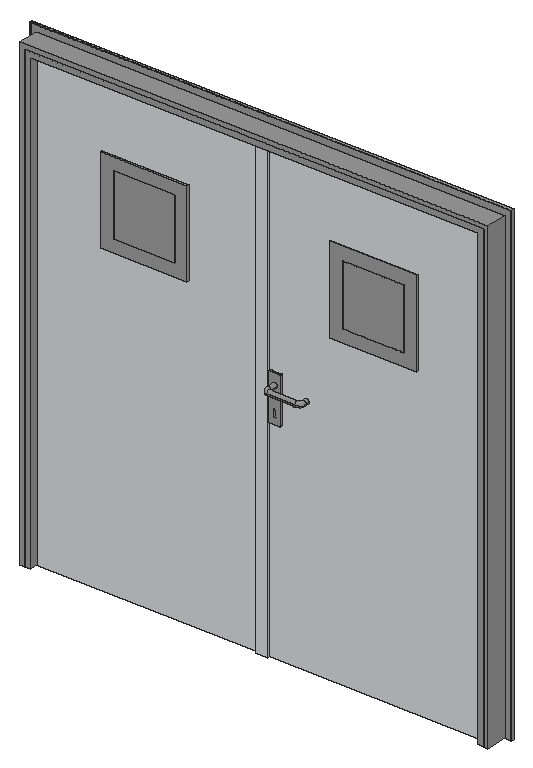
Revit family "SystemSchroeders_2flg.Tür", category Türen, Revit 2018
Family settings
  Basisbauteil = Wand
  OmniClass-Nummer = 23.30.10.00
  OmniClass-Titel = Doors
  Immer vertikal = Ja
  Beim Laden mit Abzugskörper schneiden = Nein
  Gemeinsam genutzt = Nein
  Raumberechnungspunkt = Nein
Parameters (values of type "RSN-2 CE")
  Wp_right = PanelWidth / 2 - 5 mm  # 973.5 mm
  Wp_left = PanelWidth / 2  # 978.5 mm
  Widerstandsfähigkeit gegen Winlast = "bis Klasse C4 (2.000 Pa)"
  URL = "https://www.system-schroeders.de/content/de/sicherheitstueren/sicherheitstueren.html"
  Schlagregendichtheit = "bis Klasse 3A"
  Hersteller = "System Schröders"
  Breite Rahmen Sichtfenster = 55 mm
  Breite Sichtfenster = 260 mm
  Dicke = 69 mm
  Öffnungswinkel = 90.00°
  Schallschutz = "48 (-1;-5) dB"
  Rauchschutz = "RS"
  PanelWidth = Breite - 2 * Rahmenbreite  # 1957 mm
  Druck- / Sogwiderstand = "3800Pa"
  Werkstoff Griff = Edelstahl
  Höhe Sichtfenster = 260 mm
  Hbl = 260 mm
  Höhe Türgriff = 1050 mm
  Werkstoff Sichtfenster = Glas
  Werkstoff Rahmen Sichtfenster = Edelstahl
  mit Sichtfenster [instance] = yes
  Funktion = Innen
  FrameCompensate = Edelstahl
  Rahmenbreite = 21.5 mm
  Height = 2000 mm
  Wandabschluss = Nach Basisbauteil
  Breite = 2000 mm
  Feuerschutz = "-"
  Einbauhöhe Sichtfenster = 1500 mm
  Werkstoff Türblatt = Edelstahl
  Werkstoff Rahmen = Edelstahl
  Einbruchschutz = "RC4 RC3 RC2 RC1"
  Analytische Konstruktion = "<None>"
  Luftdichtigkeit = "bis Klasse 3 (600 Pa)"
Types (11, lengths in mm): name | Widerstandsfähigkeit gegen Winlast | Schlagregendichtheit | Schallschutz | Rauchschutz | Druck- / Sogwiderstand | Feuerschutz | Einbruchschutz
  TSN-2 | "" | "" | "48 (-1;-5) dB" | "RS" | "3800Pa" | "T-30" | "RC4 RC3 RC2 RC1"
  RSN-2 CE | "bis Klasse C4 (2.000 Pa)" | "bis Klasse 3A" | "48 (-1;-5) dB" | "RS" | "3800Pa" | "-" | "RC4 RC3 RC2 RC1"
  TSN-12 | "" | "" | "48 (-1;-5) dB" | "RS" | "3800Pa" | "T-90" | "RC4 RC3 RC2 RC1"
  RSN-2 | "bis Klasse C4 (2.000 Pa)" | "bis Klasse 3A" | "48 (-1;-5) dB" | "RS" | "3800Pa" | "-" | "RC4 RC3 RC2 RC1"
  TSN-12 CE | "bis Klasse C4 (2.000 Pa)" | "bis Klasse 3A" | "48 (-1;-5) dB" | "S200" | "3800Pa" | "EI2 90 -S a -C5" | "RC4 RC3 RC2 RC1"
  ISN-2 | "bis Klasse C4 (2.000 Pa)" | "bis Klasse 3A" | "-" | "-" | "-" | "-" | "-"
  TSN-2 CE | "bis Klasse C4 (2.000 Pa)" | "bis Klasse 3A" | "48 (-1;-5) dB" | "S200" | "3800Pa" | "EI2 30 -S a -C5" | "RC4 RC3 RC2 RC1"
  ASN-2 | "bis Klasse C4 (2.000 Pa)" | "bis Klasse 3A" | "-" | "-" | "3800Pa" | "-" | "-"
  TSN-4 CE | "bis Klasse C4 (2.000 Pa)" | "bis Klasse 3A" | "48 (-1;-5) dB" | "S200" | "3800Pa" | "EI2 60 -S a -C5" | "RC4 RC3 RC2 RC1"
  SN-2 | "bis Klasse C4 (2.000 Pa)" | "bis Klasse 3A" | "48 (-1;-5) dB" | "-" | "3800Pa" | "-" | "-"
  ESN-2 | "bis Klasse C4 (2.000 Pa)" | "bis Klasse 3A" | "48 (-1;-5) dB" | "-" | "3800Pa" | "-" | "RC4 RC3 RC2 RC1"
Reference planes
  plane 1: y = 0
  plane 2 "Center (Left/Right)": x = 0
  plane 3 "Left": x = -978.5
  plane 4 "Right": x = 978.5
  plane 5: z = 1978.5
  plane 6 "Exterior": y = 75
  plane 7 "Interior": y = -75
  plane 8 "2": x = 1000
  plane 9 "3": x = -1000
  plane 10: z = 2000
  plane 11: y = 18
  plane 12: y = 87
  plane 13 "Lock": z = 1050
  plane 14: y = 97
  plane 15: z = 150
  plane 16: z = 250
  plane 17: z = 260
  plane 18: z = 360
  plane 19: z = 1840
  plane 20: z = 1740
  plane 21: z = 1730
  plane 22: z = 1630
  plane 23: x = 70
  plane 24: z = 1500
  plane 25: x = 489.25
  plane 26: x = -489.25
Forms (mm)
  Sweep 1, solid, material "Edelstahl" <- "Werkstoff Rahmen"
    path in 3D
      loop
        line (1000, 75, 0) -> (1000, 75, 2000) -> (-1000, 75, 2000) -> (-1000, 75, 0)
    profile "Profile1 : Type 2" origin (1000, 75, 1000) x (0, 1, 0) y (-1, 0, 0)
      loop
        line (0, -28.5) -> (12, -28.5) -> (12, 21.5) -> (0, 21.5) -> (0, 14.5) -> (-41, 14.5) -> (-41, 21.5) -> (-57, 21.5) -> (-57, 29.5) -> (-67.5, 29.5) -> (-67.5, 37.5) -> (-57, 37.5) -> (-57, 45.5) -> (-89, 45.5) -> (-89, 19.5) -> (-77, 19.5) -> (-77, 21.5) -> (-87, 21.5) -> (-87, 43.5) -> (-59, 43.5) -> (-59, 39.5) -> (-69.5, 39.5) -> (-69.5, 27.5) -> (-59, 27.5) -> (-59, 19.5) -> (-43, 19.5) -> (-43, 12.5) -> (2, 12.5) -> (2, 19.5) -> (10, 19.5) -> (10, -26.5) -> (0, -26.5) -> (0, -28.5)
  Extrusion 2, solid, material "Edelstahl" <- "Werkstoff Rahmen", detail levels fine
    sketch origin (0, 0, 1050) x (1, 0, 0) y (0, 1, 0)
      loop
        arc (988.5, 97) -> (969.28, 100.873) -> (985.5, 89.859) r 10
        line (985.5, 89.859) -> (985.5, 87) -> (988.5, 87) -> (988.5, 97)
    from -900 to -800
  Extrusion 3, solid, material "Edelstahl" <- "Werkstoff Rahmen", detail levels fine
    sketch origin (0, 0, 1050) x (1, 0, 0) y (0, 1, 0)
      loop
        arc (978.5, 87) -> (982.373, 106.22) -> (971.359, 90) r 10
        line (971.359, 90) -> (956.5, 90) -> (953.5, 87) -> (978.5, 87)
    from -790 to -690
  Extrusion 4, solid, material "Edelstahl" <- "Werkstoff Rahmen", detail levels fine
    sketch origin (0, 0, 1050) x (1, 0, 0) y (0, 1, 0)
      loop
        circle (978.5, 97) r 10
    from -800 to -790
  Extrusion 5, solid, material "Edelstahl" <- "Werkstoff Rahmen", detail levels fine
    sketch origin (0, 0, 1050) x (1, 0, 0) y (0, 1, 0)
      loop
        arc (978.5, 87) -> (982.373, 106.22) -> (971.359, 90) r 10
        line (971.359, 90) -> (956.5, 90) -> (953.5, 87) -> (978.5, 87)
    from 690 to 790
  Extrusion 6, solid, material "Edelstahl" <- "Werkstoff Rahmen", detail levels fine
    sketch origin (0, 0, 1050) x (1, 0, 0) y (0, 1, 0)
      loop
        arc (988.5, 97) -> (969.28, 100.873) -> (985.5, 89.859) r 10
        line (985.5, 89.859) -> (985.5, 87) -> (988.5, 87) -> (988.5, 97)
    from 580 to 680
  Extrusion 7, solid, material "Edelstahl" <- "Werkstoff Rahmen", detail levels fine
    sketch origin (0, 0, 1050) x (1, 0, 0) y (0, 1, 0)
      loop
        circle (978.5, 97) r 10
    from 680 to 690
  Extrusion 8, solid, material "Edelstahl" <- "Werkstoff Griff", detail levels fine
    sketch origin (0, 75, 0) x (1, 0, 0) y (0, 0, 1)
      loop
        line (95, 905) -> (95, 1095)
        arc (95, 1095) -> (93.536, 1098.536) -> (90, 1100) r 5
        line (90, 1100) -> (50, 1100)
        arc (50, 1100) -> (46.464, 1098.536) -> (45, 1095) r 5
        line (45, 1095) -> (45, 905)
        arc (45, 905) -> (46.464, 901.464) -> (50, 900) r 5
        line (50, 900) -> (90, 900)
        arc (90, 900) -> (93.536, 901.464) -> (95, 905) r 5
      loop
        line (73, 960) -> (67, 960) -> (67, 930) -> (73, 930) -> (73, 960)
    from -20 to -12
  Sweep 9, solid, material "Edelstahl" <- "Werkstoff Griff", detail levels fine
    path origin (0, 0, 1050) x (1, 0, 0) y (0, 1, 0)
      loop
        line (70, 95) -> (70, 120)
        arc (70, 120) -> (74.393, 130.607) -> (85, 135) r 15
        line (85, 135) -> (205, 135)
        arc (205, 135) -> (215.607, 130.607) -> (220, 120) r 15
        line (220, 120) -> (220, 105)
    profile origin (70, 107.5, 1050) x (-1, 0, 0) y (0, 0, 1)
      loop
        circle (0, 0) r 10
  Extrusion 10, solid, material "Edelstahl" <- "Werkstoff Rahmen Sichtfenster", visible <- "mit Sichtfenster", detail levels medium+fine
    sketch origin (0, 75, 0) x (1, 0, 0) y (0, 0, 1)
      loop
        line (619.25, 1630) -> (359.25, 1630) -> (359.25, 1370) -> (619.25, 1370) -> (619.25, 1630)
      loop
        line (674.25, 1685) -> (304.25, 1685) -> (304.25, 1315) -> (674.25, 1315) -> (674.25, 1685)
      loop
        line (-359.25, 1630) -> (-619.25, 1630) -> (-619.25, 1370) -> (-359.25, 1370) -> (-359.25, 1630)
      loop
        line (-304.25, 1685) -> (-674.25, 1685) -> (-674.25, 1315) -> (-304.25, 1315) -> (-304.25, 1685)
    from -20 to -12
  Extrusion 11, solid, material "Glas" <- "Werkstoff Sichtfenster", visible <- "mit Sichtfenster", detail levels medium+fine
    sketch origin (0, -75, 0) x (1, 0, 0) y (0, 0, 1)
      loop
        line (359.25, 1370) -> (619.25, 1370) -> (619.25, 1630) -> (359.25, 1630) -> (359.25, 1370)
      loop
        line (-619.25, 1630) -> (-619.25, 1370) -> (-359.25, 1370) -> (-359.25, 1630) -> (-619.25, 1630)
    from -170 to -162
  Extrusion 12, solid, material "Glas" <- "Werkstoff Sichtfenster", visible <- "mit Sichtfenster", detail levels medium+fine
    sketch origin (0, -75, 0) x (1, 0, 0) y (0, 0, 1)
      loop
        line (359.25, 1630) -> (359.25, 1370) -> (619.25, 1370) -> (619.25, 1630) -> (359.25, 1630)
      loop
        line (-359.25, 1630) -> (-619.25, 1630) -> (-619.25, 1370) -> (-359.25, 1370) -> (-359.25, 1630)
    from -93 to -85
  Extrusion 13, solid, material "Edelstahl" <- "Werkstoff Griff", detail levels fine
    sketch origin (0, 75, 0) x (1, 0, 0) y (0, 0, 1)
      loop
        line (95, 905) -> (95, 1095)
        arc (95, 1095) -> (93.536, 1098.536) -> (90, 1100) r 5
        line (90, 1100) -> (50, 1100)
        arc (50, 1100) -> (46.464, 1098.536) -> (45, 1095) r 5
        line (45, 1095) -> (45, 905)
        arc (45, 905) -> (46.464, 901.464) -> (50, 900) r 5
        line (50, 900) -> (90, 900)
        arc (90, 900) -> (93.536, 901.464) -> (95, 905) r 5
      loop
        line (73, 960) -> (67, 960) -> (67, 930) -> (73, 930) -> (73, 960)
    from 57 to 65
  Sweep 14, solid, material "Edelstahl" <- "Werkstoff Griff", detail levels fine
    path origin (0, 0, 1050) x (1, 0, 0) y (0, 1, 0)
      loop
        line (70, 10) -> (70, -25)
        arc (70, -25) -> (74.393, -35.607) -> (85, -40) r 15
        line (85, -40) -> (205, -40)
        arc (205, -40) -> (215.607, -35.607) -> (220, -25) r 15
        line (220, -25) -> (220, -10)
    profile origin (70, -7.5, 1050) x (1, 0, 0) y (0, 0, 1)
      loop
        circle (0, 0) r 10
  Extrusion 15, solid
    sketch origin (0, 0, 0) x (1, 0, 0) y (0, 1, 0)
      loop
        line (5, 87) -> (5, 18) -> (978.5, 18) -> (978.5, 87) -> (5, 87)
    from 0 to 1978.5
  Sweep 16, solid, material "Edelstahl" <- "FrameCompensate"
    path origin (0, 75, 0) x (1, 0, 0) y (0, 0, 1)
      loop
        line (1000, 0) -> (1000, 2000) -> (-1000, 2000) -> (-1000, 0)
    profile origin (1000, 75, 1000) x (-1, 0, 0) y (0, -1, 0)
      loop
        line (-26.5, -10) -> (19.5, -10) -> (19.5, -2) -> (12.5, -2) -> (12.5, 43) -> (19.5, 43) -> (19.5, 59) -> (27.5, 59) -> (27.5, 69.5) -> (39.5, 69.5) -> (39.5, 59) -> (43.5, 59) -> (43.5, 87) -> (21.5, 87) -> (21.5, 77) -> (19.5, 77) -> (19.5, 89) -> (0, 89) -> (0, 0) -> (-26.5, 0) -> (-26.5, -10)
  Extrusion 17, solid, material "Edelstahl" <- "Werkstoff Rahmen Sichtfenster", visible <- "mit Sichtfenster", detail levels medium+fine
    sketch origin (0, -75, 0) x (1, 0, 0) y (0, 0, 1)
      loop
        line (304.25, 1685) -> (304.25, 1315) -> (674.25, 1315) -> (674.25, 1685) -> (304.25, 1685)
      loop
        line (359.25, 1630) -> (359.25, 1370) -> (619.25, 1370) -> (619.25, 1630) -> (359.25, 1630)
      loop
        line (-304.25, 1315) -> (-304.25, 1685) -> (-674.25, 1685) -> (-674.25, 1315) -> (-304.25, 1315)
      loop
        line (-359.25, 1370) -> (-359.25, 1630) -> (-619.25, 1630) -> (-619.25, 1370) -> (-359.25, 1370)
    from -93 to -85
  Extrusion 18, solid
    sketch origin (978.5, 87, 0) x (0, 1, 0) y (-1, 0, 0)
      loop
        line (0, 1957) -> (-69, 1957) -> (-69, 978.5) -> (0, 978.5) -> (0, 1957)
    from 0 to 1978.5
  Extrusion 19, solid
    sketch origin (978.5, 87, 0) x (0, 1, 0) y (-1, 0, 0)
      loop
        line (0, 953.5) -> (8, 963.5) -> (8, 1013.5) -> (1, 1013.5) -> (1, 973.5) -> (0, 973.5) -> (0, 953.5)
    from 0 to 1978.5
  Extrusion 20, solid
    sketch origin (978.5, 87, 0) x (0, 1, 0) y (-1, 0, 0)
      loop
        line (-69, 998.5) -> (-77, 988.5) -> (-77, 938.5) -> (-70, 938.5) -> (-70, 978.5) -> (-69, 978.5) -> (-69, 998.5)
    from 0 to 1978.5
  Extrusion 21, solid, material "Edelstahl" <- "Werkstoff Rahmen", detail levels fine
    sketch origin (0, 0, 1050) x (-1, 0, 0) y (0, -1, 0)
      loop
        line (988.5, -97) -> (988.5, -87) -> (985.5, -87) -> (985.5, -89.859)
        arc (985.5, -89.859) -> (969.28, -100.873) -> (988.5, -97) r 10
    from -900 to -800
  Extrusion 22, solid, material "Edelstahl" <- "Werkstoff Rahmen", detail levels fine
    sketch origin (0, 0, 1050) x (-1, 0, 0) y (0, -1, 0)
      loop
        line (978.5, -87) -> (953.5, -87) -> (956.5, -90) -> (971.359, -90)
        arc (971.359, -90) -> (982.373, -106.22) -> (978.5, -87) r 10
    from 690 to 790
  Extrusion 23, solid, material "Edelstahl" <- "Werkstoff Rahmen", detail levels fine
    sketch origin (0, 0, 1050) x (-1, 0, 0) y (0, -1, 0)
      loop
        circle (978.5, -97) r 10
    from 680 to 690
  Extrusion 24, solid, material "Edelstahl" <- "Werkstoff Rahmen", detail levels fine
    sketch origin (0, 0, 1050) x (-1, 0, 0) y (0, -1, 0)
      loop
        circle (978.5, -97) r 10
    from -800 to -790
  Extrusion 25, solid, material "Edelstahl" <- "Werkstoff Rahmen", detail levels fine
    sketch origin (0, 0, 1050) x (-1, 0, 0) y (0, -1, 0)
      loop
        line (988.5, -97) -> (988.5, -87) -> (985.5, -87) -> (985.5, -89.859)
        arc (985.5, -89.859) -> (969.28, -100.873) -> (988.5, -97) r 10
    from 580 to 680
  Extrusion 26, solid, material "Edelstahl" <- "Werkstoff Rahmen", detail levels fine
    sketch origin (0, 0, 1050) x (-1, 0, 0) y (0, -1, 0)
      loop
        line (978.5, -87) -> (953.5, -87) -> (956.5, -90) -> (971.359, -90)
        arc (971.359, -90) -> (982.373, -106.22) -> (978.5, -87) r 10
    from -790 to -690
Cuts and joins
  joined: Extrusion 15, Extrusion 19
  joined: Extrusion 18, Extrusion 20
Lines and regions (mm)
  Opening 1
    outline origin (-3050, -75, 0) x (1, 0, 0) y (0, 0, 1)
      loop
        line (4050, 2000) -> (2050, 2000) -> (2050, 0) -> (4050, 0) -> (4050, 2000)
  Masking region 1
    outline origin (978.5, 87, 0) x (0, 1, 0) y (-1, 0, 0)
      loop
        line (0, 0) -> (973.5, 0) -> (973.5, 69) -> (0, 69) -> (0, 0)
  Masking region 2
    outline origin (1218.5, 87, 0) x (0, 1, 0) y (-1, 0, 0)
      loop
        line (-162, 218.5) -> (-12, 218.5) -> (-12, 240) -> (-69, 240) -> (-69, 264) -> (-162, 264) -> (-162, 218.5)
  Masking region 3
    outline origin (898.695, 98.168, 0) x (0, 1, 0) y (-1, 0, 0)
      loop
        line (-80.168, 1877.195) -> (-23.168, 1877.195) -> (-23.168, 1898.695) -> (-173.168, 1898.695) -> (-173.168, 1853.195) -> (-80.168, 1853.195) -> (-80.168, 1877.195)
  Masking region 4
    outline origin (-1038.5, 87, 0) x (0, 1, 0) y (-1, 0, 0)
      loop
        line (0, -60) -> (0, -129) -> (978.5, -129) -> (978.5, -60) -> (0, -60)
  symbolic lines, style "Elevation Swing"
    curve 1: line (0, -75, 989.25) -> (-978.5, -75, 1978.5)
    curve 2: line (0, -75, 989.25) -> (-978.5, -75, 0)
    curve 9: line (0, -75, 989.25) -> (978.5, -75, 1978.5)
    curve 10: line (0, -75, 989.25) -> (978.5, -75, 0)
  sketch lines
    curve 3: line (1000, 75, 0) -> (1000, 75, 2000)
    curve 4: line (1000, 75, 2000) -> (-1000, 75, 2000)
    curve 5: line (-1000, 75, 2000) -> (-1000, 75, 0)
  reference lines
    curve 6: line (978.5, 87, 0) -> (978.5, 1647, 0)
  symbolic lines, style "Doors"
    curve 7: arc (5, 87, 0) -> (290.132, 775.368, 0) -> (978.5, 1060.5, 0) r 973.5
    curve 8: arc (0, 87, 0) -> (-286.596, 778.904, 0) -> (-978.5, 1065.5, 0) r 978.5
Text (mm)
  text "Exterior" at (-2295.016, 1099.543, 0), in view "Ref. Level"
  text "Exterior" at (0, 1615.38, 3698.081), in view "Left"
  text "Exterior" at (0, 1036.032, 3874.932), in view "Right"
Dimensions and locks
  equal spacing: plane 3 "Left", plane 2 "Center (Left/Right)", plane 4 "Right"
  "Breite": plane 9 "3" to plane 8 "2"
  "Height": plane 10 to host wall
  equal spacing: host wall, curve 2, plane 5
  host wall to plane 5 = 1978.5 mm
  locked: plane 6 "Exterior" to host wall at 0
  locked: plane 7 "Interior" to host wall
  "Rahmenbreite": plane 5 to plane 10
  "Rahmenbreite": plane 4 "Right" to plane 8 "2"
  "Rahmenbreite": plane 9 "3" to plane 3 "Left"
  "Dicke": plane 12 to plane 11
  locked: plane 6 "Exterior" to plane 12 at 12
  "Höhe Türgriff": level to plane 13 "Lock"
  locked: plane 14 to plane 12 at 10
  locked: Extrusion 3 sketch curve to plane 4 "Right" at 25
  locked: Extrusion 3 sketch curve to plane 12 at 3
  "Hbl": level to plane 17
  plane 15 to plane 16 = 100 mm
  locked: plane 4 "Right" to Extrusion 2 sketch curve at 10
  locked: Extrusion 2 sketch curve to Extrusion 2 sketch curve at 3
  locked: plane 16 to plane 17 at 10
  locked: plane 17 to plane 18 at 100
  locked: Extrusion 6 sketch curve to Extrusion 6 sketch curve at 3
  "Hbl": plane 20 to plane 10
  plane 22 to plane 21 to plane 20 to plane 19 = 100 mm locked, 10 mm locked, 100 mm locked
  locked: plane 23 to Extrusion 8 sketch curve at 25
  locked: Extrusion 8 sketch curve to plane 23 at 25
  locked: plane 23 to Extrusion 8 sketch curve at 3
  locked: Extrusion 8 sketch curve to plane 23 at 3
  locked: Extrusion 8 sketch curve to plane 13 "Lock" at 90
  locked: Extrusion 8 sketch curve to Extrusion 8 sketch curve at 30
  locked: Extrusion 8 to plane 12 at 8
  locked: Sweep 9 sketch curve to plane 12 at 48
  locked: Sweep 9 sketch curve to Sweep 9 sketch curve at 30
  locked: plane 23 to Sweep 9 sketch curve at 150
  locked: plane 2 "Center (Left/Right)" to plane 23 at 70
  locked: Extrusion 13 sketch curve to Extrusion 13 sketch curve at 30
  locked: plane 11 to Extrusion 13 at 8
  locked: plane 23 to Sweep 14 sketch curve at 150
  locked: Sweep 14 sketch curve to Sweep 14 sketch curve at 30
  locked: Sweep 14 sketch curve to Extrusion 13 at 50
  "Wp_right": Masking region 1 sketch curve to Masking region 1 sketch curve
  "Dicke": curve 6 to Masking region 1 sketch curve
  "Einbauhöhe Sichtfenster": level to plane 24
  equal spacing: Extrusion 10 sketch curve, plane 24, Extrusion 10 sketch curve  (x2)
  "Höhe Sichtfenster": Extrusion 10 sketch curve to Extrusion 10 sketch curve  (x2)
  "Breite Rahmen Sichtfenster": Extrusion 10 sketch curve to Extrusion 10 sketch curve  (x8)
  locked: plane 13 "Lock" to Extrusion 8 sketch curve at 50
  locked: Extrusion 8 sketch curve to plane 13 "Lock" at 150
  equal spacing: plane 2 "Center (Left/Right)", plane 25, plane 4 "Right"
  equal spacing: plane 2 "Center (Left/Right)", plane 26, plane 3 "Left"
  "Breite Sichtfenster": Extrusion 10 sketch curve to Extrusion 10 sketch curve  (x2)
  equal spacing: Extrusion 10 sketch curve, plane 26, Extrusion 10 sketch curve
  equal spacing: Extrusion 10 sketch curve, plane 25, Extrusion 10 sketch curve
  locked: plane 2 "Center (Left/Right)" to Extrusion 15 sketch curve at 5
  locked: Extrusion 19 sketch curve to plane 2 "Center (Left/Right)" at 35
  locked: plane 2 "Center (Left/Right)" to Extrusion 19 sketch curve at 15
  locked: plane 2 "Center (Left/Right)" to Extrusion 19 sketch curve at 25
  locked: plane 2 "Center (Left/Right)" to Extrusion 20 sketch curve at 40
  locked: Extrusion 20 sketch curve to Extrusion 20 sketch curve at 60
  locked: Extrusion 20 sketch curve to Extrusion 20 sketch curve at 50
  "Wp_left": Masking region 4 sketch curve to Masking region 4 sketch curve
  "Dicke": Masking region 4 sketch curve to Masking region 4 sketch curve
  locked: Extrusion 19 sketch curve to plane 12 at 1
  locked: plane 11 to Extrusion 20 sketch curve at 1
  plane 2 "Center (Left/Right)" to cut or joined group of Extrusion 15, Extrusion 19 = 5 mm
  locked: plane 2 "Center (Left/Right)" to Extrusion 19 sketch curve at 5
  locked: Extrusion 21 sketch curve to Extrusion 21 sketch curve at 3
  locked: plane 3 "Left" to Extrusion 22 sketch curve at 25
  locked: Extrusion 22 sketch curve to plane 12 at 3
  locked: plane 3 "Left" to Extrusion 22 sketch curve at 22
  locked: Extrusion 22 sketch curve to plane 12 at 10
  locked: Extrusion 23 sketch curve to plane 12 at 10
  locked: Extrusion 24 sketch curve to plane 12 at 10
  locked: Extrusion 25 sketch curve to Extrusion 25 sketch curve at 3
  radius of Extrusion 2 sketch curve = 10 mm
  radius of Extrusion 3 sketch curve = 10 mm
  radius of Extrusion 4 sketch curve = 10 mm
  radius of Extrusion 5 sketch curve = 10 mm
  radius of Extrusion 6 sketch curve = 10 mm
  radius of Extrusion 7 sketch curve = 10 mm
  radius of Sweep 9 sketch curve = 15 mm  (x2)
  radius of Sweep 9 sketch curve = 10 mm
  radius of Sweep 14 sketch curve = 15 mm  (x2)
  radius of Sweep 14 sketch curve = 10 mm
  "Wp_right": radius of curve 7
  radius of Extrusion 8 sketch curve = 5 mm  (x4)
  "Wp_left": radius of curve 8
  radius of Extrusion 21 sketch curve = 10 mm
  radius of Extrusion 22 sketch curve = 10 mm
  radius of Extrusion 23 sketch curve = 10 mm
  radius of Extrusion 24 sketch curve = 10 mm
  radius of Extrusion 25 sketch curve = 10 mm
  radius of Extrusion 26 sketch curve = 10 mm
  "Öffnungswinkel": angle curve 6 to plane 12
  aligned and locked: plane 5 to curve 1
  aligned and locked: plane 3 "Left" to curve 2
  aligned and locked: plane 1 to host wall
  aligned and locked: plane 3 "Left" to curve 1
  aligned and locked: Opening 1 sketch curve to plane 10
  aligned and locked: Opening 1 sketch curve to plane 8 "2"
  aligned and locked: Opening 1 sketch curve to level
  aligned and locked: plane 9 "3" to Opening 1 sketch curve
  aligned and locked: Extrusion 2 sketch curve to plane 14
  aligned and locked: Extrusion 3 sketch curve to plane 14
  aligned and locked: plane 4 "Right" to Extrusion 3 sketch curve
  aligned and locked: plane 16 to Extrusion 2
  aligned and locked: Extrusion 2 to plane 15
  aligned and locked: Extrusion 3 to plane 17
  aligned and locked: plane 18 to Extrusion 3
  aligned and locked: plane 4 "Right" to Extrusion 4 sketch curve
  aligned and locked: Extrusion 4 sketch curve to plane 14
  aligned and locked: Extrusion 4 to plane 16
  aligned and locked: plane 17 to Extrusion 4
  aligned and locked: Extrusion 5 to plane 19
  aligned and locked: plane 20 to Extrusion 5
  aligned and locked: Extrusion 6 to plane 21
  aligned and locked: plane 22 to Extrusion 6
  aligned and locked: Extrusion 7 to plane 20
  aligned and locked: plane 21 to Extrusion 7
  aligned and locked: Extrusion 8 to plane 12
  aligned and locked: Sweep 9 sketch curve to plane 23
  aligned and locked: plane 23 to Sweep 9 sketch curve
  aligned and locked: plane 13 "Lock" to Sweep 9 sketch curve
  aligned and locked: profile plane to plane 13 "Lock"  (x2)
  aligned and locked: profile plane to plane 23  (x2)
  aligned and locked: Extrusion 10 to Extrusion 8
  aligned and locked: plane 11 to Extrusion 13
  aligned and locked: plane 23 to Sweep 14 sketch curve  (x2)
  aligned and locked: plane 13 "Lock" to Sweep 14 sketch curve
  aligned and locked: Extrusion 15 to plane 5
  aligned and locked: Extrusion 15 to plane 4 "Right"
  aligned and locked: Extrusion 15 to level
  aligned and locked: Extrusion 15 sketch curve to plane 12
  aligned and locked: Extrusion 15 sketch curve to plane 11
  aligned and locked: plane 4 "Right" to Extrusion 15 sketch curve
  aligned and locked: plane 4 "Right" to curve 6
  aligned and locked: curve 6 to plane 12
  aligned and locked: Masking region 1 sketch curve to curve 6
  aligned and locked: Masking region 1 to curve 7
  aligned and locked: plane 4 "Right" to curve 7
  aligned and locked: curve 7 to plane 12
  aligned and locked: Extrusion 15 to Sweep 16 sketch curve
  aligned and locked: level to Sweep 16 sketch curve
  aligned and locked: plane 8 "2" to Sweep 16 sketch curve
  aligned and locked: Sweep 16 sketch curve to plane 9 "3"
  aligned and locked: plane 10 to Sweep 16 sketch curve
  aligned and locked: Sweep 16 sketch curve to Sweep 1  (x12)
  aligned and locked: Sweep 1 to Sweep 16 sketch curve  (x5)
  aligned and locked: Sweep 16 sketch curve to host wall
  aligned and locked: host wall to Sweep 16 sketch curve
  aligned and locked: Extrusion 17 to Extrusion 15
  aligned and locked: Extrusion 17 to Extrusion 13
  aligned and locked: Extrusion 10 to Extrusion 11
  aligned and locked: Extrusion 11 to plane 12
  aligned and locked: plane 11 to Extrusion 12
  aligned and locked: Extrusion 17 to Extrusion 12
  aligned and locked: host wall to Masking region 2  (x2)
  aligned and locked: plane 4 "Right" to Masking region 2
  aligned and locked: Masking region 2 to plane 8 "2"
  aligned and locked: plane 7 "Interior" to Masking region 3
  aligned and locked: Masking region 3 to plane 6 "Exterior"
  aligned and locked: Masking region 3 to plane 3 "Left"
  aligned and locked: plane 9 "3" to Masking region 3
  aligned and locked: Masking region 3 sketch curve to Sweep 1
  aligned and locked: Masking region 3 sketch curve to plane 11
  aligned and locked: Masking region 3 sketch curve to plane 3 "Left"
  aligned and locked: Masking region 3 sketch curve to plane 6 "Exterior"
  aligned and locked: plane 9 "3" to Masking region 3 sketch curve
  aligned and locked: plane 7 "Interior" to Masking region 3 sketch curve
  aligned and locked: Masking region 2 sketch curve to plane 8 "2"
  aligned and locked: plane 7 "Interior" to Masking region 2 sketch curve
  aligned and locked: Masking region 2 sketch curve to plane 6 "Exterior"
  aligned and locked: Extrusion 15 to Masking region 2 sketch curve
  aligned and locked: Masking region 2 sketch curve to Sweep 1
  aligned and locked: Extrusion 12 sketch curve to Extrusion 10  (x2)
  aligned and locked: Extrusion 10 to Extrusion 17 sketch curve
  aligned and locked: Extrusion 17 sketch curve to Extrusion 10  (x7)
  aligned and locked: Extrusion 11 sketch curve to Extrusion 10  (x7)
  aligned and locked: Extrusion 10 to Extrusion 11 sketch curve
  aligned and locked: Extrusion 13 sketch curve to Extrusion 8  (x7)
  aligned and locked: Extrusion 17 sketch curve to Extrusion 11  (x4)
  aligned and locked: Extrusion 12 sketch curve to Extrusion 11  (x6)
  aligned and locked: Extrusion 18 sketch curve to Sweep 1  (x2)
  aligned and locked: plane 11 to Extrusion 18 sketch curve
  aligned and locked: Extrusion 18 sketch curve to plane 2 "Center (Left/Right)"
  aligned and locked: Extrusion 18 to level
  aligned and locked: Extrusion 18 to plane 5
  aligned and locked: plane 12 to Extrusion 19 sketch curve
  aligned and locked: Extrusion 19 sketch curve to Extrusion 8
  aligned and locked: Extrusion 19 to level
  aligned and locked: cut or joined group of Extrusion 15, Extrusion 19 to plane 5
  aligned and locked: Extrusion 20 sketch curve to plane 11
  aligned and locked: Extrusion 13 to Extrusion 20 sketch curve
  aligned and locked: Extrusion 20 to level
  aligned and locked: Extrusion 20 to plane 5
  aligned and locked: Masking region 4 to cut or joined group of Extrusion 18, Extrusion 20
  aligned and locked: plane 12 to cut or joined group of Extrusion 18, Extrusion 20
  aligned and locked: Masking region 4 sketch curve to plane 3 "Left"
  aligned and locked: plane 12 to curve 8
  aligned and locked: curve 8 to plane 3 "Left"
  aligned and locked: Extrusion 20 sketch curve to plane 2 "Center (Left/Right)"
  aligned and locked: Extrusion 6 sketch curve to Sweep 1  (x2)
  aligned and locked: Sweep 1 to Extrusion 5 sketch curve
  aligned and locked: Extrusion 5 sketch curve to Extrusion 3  (x2)
  aligned and locked: plane 4 "Right" to Extrusion 5 sketch curve
  aligned and locked: plane 3 "Left" to Extrusion 22 sketch curve  (x2)
  aligned and locked: Extrusion 21 sketch curve to Extrusion 22
  aligned and locked: plane 12 to Extrusion 21 sketch curve
  aligned and locked: plane 16 to Extrusion 21
  aligned and locked: Extrusion 21 to plane 15
  aligned and locked: Extrusion 22 to plane 19
  aligned and locked: plane 20 to Extrusion 22
  aligned and locked: plane 3 "Left" to Extrusion 23 sketch curve
  aligned and locked: Extrusion 24 to plane 16
  aligned and locked: plane 17 to Extrusion 24
  aligned and locked: plane 3 "Left" to Extrusion 24 sketch curve
  aligned and locked: Extrusion 25 to plane 21
  aligned and locked: plane 22 to Extrusion 25
  aligned and locked: Extrusion 25 sketch curve to Extrusion 22
  aligned and locked: Sweep 1 to Extrusion 25 sketch curve
  aligned and locked: Extrusion 26 to plane 17
  aligned and locked: plane 18 to Extrusion 26
  aligned and locked: Extrusion 26 sketch curve to Extrusion 22  (x3)
  aligned and locked: plane 21 to Extrusion 23
  aligned and locked: Extrusion 23 to plane 20
  aligned and locked: plane 2 "Center (Left/Right)" to curve 1
  aligned and locked: plane 2 "Center (Left/Right)" to curve 10
  aligned and locked: plane 4 "Right" to curve 10
  aligned and locked: level to curve 10
  aligned and locked: plane 5 to curve 9
  aligned and locked: plane 4 "Right" to curve 9
Automatic sketch dimensions
  plane 14 to Extrusion 6 sketch curve = 0 mm
  Sweep 9 sketch curve to plane 14 = 2 mm
  plane 25 to Extrusion 17 sketch curve = 185 mm
  Extrusion 17 sketch curve to Extrusion 17 sketch curve = 55 mm  (x2)
  Extrusion 17 sketch curve to plane 25 = 130 mm
  curve 2 to level = 0 mm
  plane 12 to Extrusion 2 sketch curve = 0 mm
  Extrusion 3 sketch curve to Extrusion 3 sketch curve = 3 mm
  Extrusion 7 sketch curve to plane 4 "Right" = 0 mm
  plane 14 to Extrusion 7 sketch curve = 0 mm
  plane 23 to Extrusion 13 sketch curve = 3 mm
  Sweep 14 sketch curve to plane 11 = 8 mm
  Sweep 16 sketch curve to Sweep 16 sketch curve = 10.5 mm
  Masking region 2 sketch curve to curve 6 = 0 mm
  curve 10 to plane 13 "Lock" = 60.75 mm
  Masking region 1 sketch curve to curve 6 = 0 mm
  Masking region 4 sketch curve to curve 6 = 0 mm
